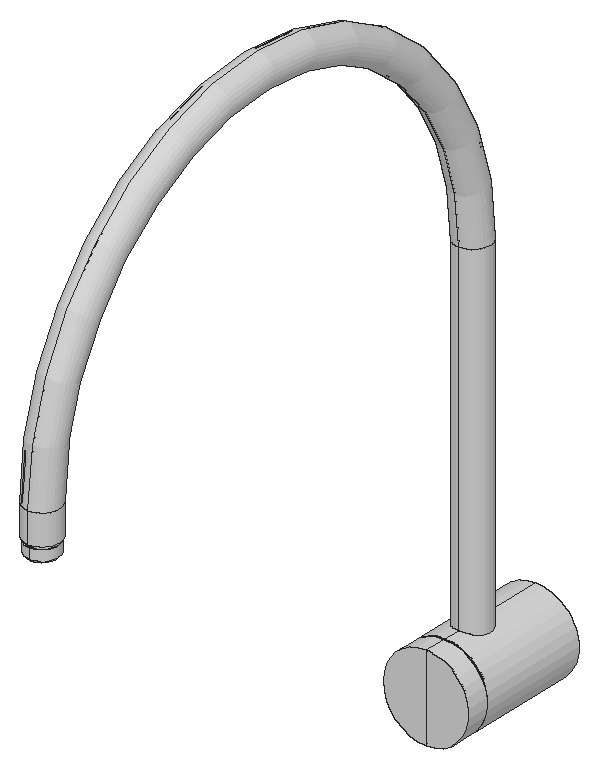
Revit family "Reece_Shower_Milli_Mood Edit_HiRise Shower_Curved_Arm Only", category Plumbing Fixtures, Revit 2018
Family settings
  Round Connector Dimension = Use Diameter
  Part Type = Normal
  Work Plane-Based = Yes
  Always vertical = Yes
  Cut with Voids When Loaded = Yes
  Shared = Yes
  Room Calculation Point = Yes
Parameters (values of type "Chrome")
  URL = "https://www.reece.com.au/product/-2264102"
  Type Comments = "Shower"
  Reece_Shower_Inlet = 12 mm  # constant formula
  Reece_Shower_Head_Height = 425 mm
  Reece_Shower_Arm_Length = 401 mm
  Reece_Product_Web Page = "https://www.reece.com.au/product/-2264102"
  Reece_Product_Type = "Shower"  # constant formula
  Reece_Product_Sub Brand = "Mood Edit"  # constant formula
  Reece_Product_Number = "2264102"
  Reece_Product_Mount = "Wall Mounted"
  Reece_Product_Description = "Milli Mood Edit Hi-Rise Shower Curved Arm Only Chrome"
  Reece_Product_Brand = "Milli"  # constant formula
  Reece_Material_Main = Reece_Brass_Chrome
  Reece_Height_From_Level [instance] = 1800 mm
  Reece_Detail_Shape = "Arm Only"  # constant formula
  Reece_Detail_Installation = "Hi-Rise Shower"  # constant formula
  Reece_Detail_Disclaimer = "THIS FILE IS THE PROPERTY OF THE REECE GROUP. IT MAY NOT BE REPRODUCED, REVERSE-ENGINEERED OR MODIFIED. ANY REPUBLICATION, TRANSMISSION OR DISTRIBUTION FOR THE PURPOSE OF COMMERCIALLY EXPLOITING THE FILES IS PROHIBITED."  # constant formula
  Reece_Detail_Connector = ""
  Reece_Detail_Additional = "Curved"  # constant formula
  Model = "Mood Edit"
  Manufacturer = "Milli"
  Keynote = "Product #2264102, Reece_Shower_Milli_Mood Edit_HiRise Shower_Curved_Arm Only - Chrome"
  Disclaimer = "THIS FILE IS THE PROPERTY OF THE REECE GROUP. IT MAY NOT BE REPRODUCED, REVERSE-ENGINEERED OR MODIFIED. ANY REPUBLICATION, TRANSMISSION OR DISTRIBUTION FOR THE PURPOSE OF COMMERCIALLY EXPLOITING THE FILES IS PROHIBITED."  # constant formula
  Description = "Milli Mood Edit Hi-Rise Shower Curved Arm Only Chrome"
  Default Elevation = 0 mm
Types (10, lengths in mm): name | URL | Reece_Product_Web Page | Reece_Product_Number | Reece_Product_Description | Reece_Material_Main | Keynote | Description
  (no name) | "https://www.reece.com.au/product/-9511815" | "https://www.reece.com.au/product/-9511815" | "9511815" | "Milli Mood Edit Hi-Rise Shower Curved Arm Only PVD Brushed Gunmetal" | Reece_PVD_Brushed Gunmetal | "Product #9511815, Reece_Shower_Milli_Mood Edit_HiRise Shower_Curved_Arm Only -  " | "Milli Mood Edit Hi-Rise Shower Curved Arm Only PVD Brushed Gunmetal"
  Chrome | "https://www.reece.com.au/product/-2264102" | "https://www.reece.com.au/product/-2264102" | "2264102" | "Milli Mood Edit Hi-Rise Shower Curved Arm Only Chrome" | Reece_Brass_Chrome | "Product #2264102, Reece_Shower_Milli_Mood Edit_HiRise Shower_Curved_Arm Only - Chrome" | "Milli Mood Edit Hi-Rise Shower Curved Arm Only Chrome"
  Brushed Nickel | "https://www.reece.com.au/product/-2264103" | "https://www.reece.com.au/product/-2264103" | "2264103" | "Milli Mood Edit Hi-Rise Shower Curved Arm Only Brushed Nickel" | Reece_Brass_Brushed Nickel | "Product #2264103, Reece_Shower_Milli_Mood Edit_HiRise Shower_Curved_Arm Only - Brushed Nickel" | "Milli Mood Edit Hi-Rise Shower Curved Arm Only Brushed Nickel"
  Brushed Gunmetal | "https://www.reece.com.au/product/-2264104" | "https://www.reece.com.au/product/-2264104" | "2264104" | "Milli Mood Edit Hi-Rise Shower Curved Arm Only Brushed Gunmetal" | Reece_Brass_Chrome | "Product #2264104, Reece_Shower_Milli_Mood Edit_HiRise Shower_Curved_Arm Only - Brushed Gunmetal" | "Milli Mood Edit Hi-Rise Shower Curved Arm Only Brushed Gunmetal"
  Matte Black | "https://www.reece.com.au/product/-2264105" | "https://www.reece.com.au/product/-2264105" | "2264105" | "Milli Mood Edit Hi-Rise Shower Curved Arm Only Matte Black" | Reece_Brass_Matte Black | "Product #2264105, Reece_Shower_Milli_Mood Edit_HiRise Shower_Curved_Arm Only - Matte Black" | "Milli Mood Edit Hi-Rise Shower Curved Arm Only Matte Black"
  PVD Brushed Bronze | "https://www.reece.com.au/product/-9511141" | "https://www.reece.com.au/product/-9511141" | "9511141" | "Milli Mood Edit Hi-Rise Shower Curved Arm Only PVD Brushed Bronze" | Reece_PVD_Brushed Bronze | "Product #9511141, Reece_Shower_Milli_Mood Edit_HiRise Shower_Curved_Arm Only - PVD Brushed Bronze" | "Milli Mood Edit Hi-Rise Shower Curved Arm Only PVD Brushed Bronze"
  PVD Brushed Gold | "https://www.reece.com.au/product/-9510956" | "https://www.reece.com.au/product/-9510956" | "9510956" | "Milli Mood Edit Hi-Rise Shower Curved Arm Only PVD Brushed Gold" | Reece_PVD_Brushed Gold | "Product #9510956, Reece_Shower_Milli_Mood Edit_HiRise Shower_Curved_Arm Only - PVD Brushed Gold" | "Milli Mood Edit Hi-Rise Shower Curved Arm Only PVD Brushed Gold"
  PVD Brushed Gunmetal | "https://www.reece.com.au/product/-9511815" | "https://www.reece.com.au/product/-9511815" | "9511815" | "Milli Mood Edit Hi-Rise Shower Curved Arm Only PVD Brushed Gunmetal" | Reece_PVD_Brushed Gunmetal | "Product #9511815, Reece_Shower_Milli_Mood Edit_HiRise Shower_Curved_Arm Only - PVD Brushed Gunmetal" | "Milli Mood Edit Hi-Rise Shower Curved Arm Only PVD Brushed Gunmetal"
  PVD Brushed Nickel | "https://www.reece.com.au/product/-9511630" | "https://www.reece.com.au/product/-9511630" | "9511630" | "Milli Mood Edit Hi-Rise Shower Curved Arm Only PVD Brushed Nickel" | Reece_PVD_Brushed Nickel | "Product #9511630, Reece_Shower_Milli_Mood Edit_HiRise Shower_Curved_Arm Only - PVD Brushed Nickel" | "Milli Mood Edit Hi-Rise Shower Curved Arm Only PVD Brushed Nickel"
  PVD Matte Black | "https://www.reece.com.au/product/-9511445" | "https://www.reece.com.au/product/-9511445" | "9511445" | "Milli Mood Edit Hi-Rise Shower Curved Arm Only PVD Matte Black" | Reece_PVD_Matte Black | "Product #9511445, Reece_Shower_Milli_Mood Edit_HiRise Shower_Curved_Arm Only - PVD Matte Black" | "Milli Mood Edit Hi-Rise Shower Curved Arm Only PVD Matte Black"
Reference planes
  plane 1 "Center (Front/Back)": y = 0
  plane 2 "Height From Floor": z = 1800
  plane 3 "Center (Left/Right)": x = 0
  plane 4 "Bottom Of Invisible Line": z = -5
  plane 5: z = 2025
  plane 6: x = 11.473
  plane 7: x = -10.938
  plane 8: z = 2225
  plane 9: y = 0
  plane 10: y = -86.5
  plane 11: x = -27.04
  plane 12: x = 27.04
  plane 13: y = -390
  plane 14: y = -50
  plane 15: y = -401
Forms (mm)
  Revolve 1, solid, material "Reece_Brass_Chrome" <- "Reece_Material_Main"
    sketch origin (0, -50, 1770.852) x (0, -1, 0) y (0, 0, 1)
      loop
        line (-50, 56.188) -> (-50, 36.648) -> (-4, 36.648) -> (-4, 29.148) -> (36.5, 29.148) -> (36.5, 56.188) -> (22.632, 56.188) -> (22.632, 51.026) -> (21.563, 51.026) -> (21.563, 56.188) -> (-50, 56.188)
      axis (36.5, 29.148) -> (-50, 29.148)
    angle from 0 to 360
  Sweep 2, solid, material "Reece_Brass_Chrome" <- "Reece_Material_Main"
    path origin (0, -39, 0) x (0, -1, 0) y (0, 0, 1)
      loop
        line (11, 1800) -> (11, 2044.023)
        arc (11, 2044.023) -> (181, 2214.023) -> (351, 2044.023) r 170
        line (351, 2044.023) -> (351, 2025)
    profile origin (0, -50, 1922.011) x (0, 1, 0) y (-1, 0, 0)
      loop
        circle (0, 0) r 11
      loop
        circle (0, 0) r 10
  Revolve 3, solid, material "Reece_Brass_Chrome" <- "Reece_Material_Main"
    sketch origin (0, -1, 4012.849) x (0, 1, 0) y (0, 0, -1)
      loop
        line (-389, 1997.849) -> (-389, 1987.849) -> (-380, 1987.849) -> (-380, 1990.349) -> (-379, 1990.349) -> (-379, 1996.849) -> (-380, 1997.849) -> (-389, 1997.849)
      axis (-389, 1997.849) -> (-389, 1987.849)
    angle from 0 to 360
Cuts and joins
  joined: Revolve 1, Sweep 2
Lines and regions (mm)
  model lines, style "InvisibleLines"
    curve 1: line (0, 0, -5) -> (0, 0, 1800)
Text (mm)
  text "Reece ©" at (2155.535, -1941.88, 3919.397), in view "Reece Preview"
  text "Reece Copyright © 2018, Reece Ltd." at (-375.618, -549.921, 0), in view "Ref. Level"
Dimensions and locks
  plane 6 to plane 7 = 22.411 mm
  "Reece_Height_From_Level": plane 2 "Height From Floor" to level
  locked: plane 11 to plane 12 at 54.08
  locked: plane 2 "Height From Floor" to plane 5 at 225
  "Reece_Shower_Head_Height": plane 8 to plane 2 "Height From Floor"
  "Reece_Shower_Arm_Length": plane 9 to cut or joined group of Revolve 1, Sweep 2
  plane 14 to plane 13 = 340 mm  (x2)
  plane 5 to plane 2 "Height From Floor" = 225 mm
  "Reece_Shower_Head_Height": plane 8 to plane 11
  cut or joined group of Revolve 1, Sweep 2 to cut or joined group of Revolve 1, Sweep 2 = 54.08 mm
  locked: plane 9 to plane 14 at 50
  aligned and locked: plane 2 "Height From Floor" to curve 1
  aligned and locked: plane 2 "Height From Floor" to Revolve 1 sketch curve  (x2)
  aligned and locked: plane 10 to Revolve 1 sketch curve
  aligned and locked: plane 5 to Sweep 2 sketch curve
Automatic sketch dimensions
  curve 1 to plane 3 "Center (Left/Right)" = 0 mm
  curve 1 to plane 4 "Bottom Of Invisible Line" = 0 mm
  Revolve 1 sketch curve to plane 1 "Center (Front/Back)" = 0 mm
  Revolve 1 sketch curve to plane 14 = 4 mm
  plane 10 to Revolve 1 sketch curve = 14.938 mm
  Revolve 1 sketch curve to Revolve 1 sketch curve = 1.07 mm
  plane 2 "Height From Floor" to Revolve 1 sketch curve = 7.5 mm
  plane 2 "Height From Floor" to Revolve 1 sketch curve = 21.878 mm
  Revolve 1 sketch curve to Revolve 1 sketch curve = 5.161 mm
  Revolve 1 sketch curve to Revolve 1 sketch curve = 0 mm
  Revolve 1 sketch curve to plane 1 "Center (Front/Back)" = 10 mm
  Revolve 1 sketch curve to plane 10 = 18.5 mm
  Sweep 2 sketch curve to plane 14 = 0 mm
  Sweep 2 sketch curve to plane 13 = 0 mm
  Sweep 2 sketch curve to plane 2 "Height From Floor" = 0 mm
  Sweep 2 sketch curve to Sweep 2 sketch curve = 19.023 mm
  Sweep 2 sketch curve to Sweep 2 sketch curve = 0 mm  (x2)
  profile plane to Sweep 2 sketch curve = 0 mm
  Sweep 2 sketch curve to profile plane = 0 mm
  Revolve 3 sketch curve to plane 13 = 0 mm  (x2)
  Revolve 3 sketch curve to plane 5 = 2.5 mm
  Revolve 3 sketch curve to Revolve 3 sketch curve = 9 mm
  Revolve 3 sketch curve to Revolve 3 sketch curve = 0 mm
  Revolve 3 sketch curve to Revolve 3 sketch curve = 1 mm  (x2)
  Revolve 3 sketch curve to plane 5 = 0 mm
  Revolve 3 sketch curve to Revolve 3 sketch curve = 6.5 mm
  Revolve 3 sketch curve to plane 8 = 73.05 mm
  Revolve 3 sketch curve to plane 2 "Height From Floor" = 54.359 mm
  radius of Sweep 2 sketch curve = 11 mm
  radius of Sweep 2 sketch curve = 10 mm
Connectors
  piping at (0, 0, 1800), diameter 12, driven by "Reece_Shower_Inlet"
    settings: on cut or joined group of Revolve 1, Sweep 2, index 1, connector inside diameter 609.6 mm, connector length 0 mm, flow factor 0, pipe flow 0.0 L/s, pressure drop 0.0 Pa, fitting loss kfactor 0, connector angle 0.00°, fixture units 0, engagement length 0 mm, angle of deflection 0.00°, flow configuration 0, flow direction 0, fitting loss method 0, system type 7, joint type 0, gender type 0, connector reference index -1, connector utility 0, adjustable connector no, is connector primary yes, connector description ""
  piping at (0, 0, 1800), diameter 12, driven by "Reece_Shower_Inlet"
    settings: on cut or joined group of Revolve 1, Sweep 2, index 2, connector inside diameter 609.6 mm, connector length 0 mm, flow factor 0, pipe flow 0.0 L/s, pressure drop 0.0 Pa, fitting loss kfactor 0, connector angle 0.00°, fixture units 0, engagement length 0 mm, angle of deflection 0.00°, flow configuration 0, flow direction 1, fitting loss method 0, system type 29, joint type 0, gender type 0, connector reference index -1, connector utility 0, adjustable connector no, is connector primary no, connector description ""
